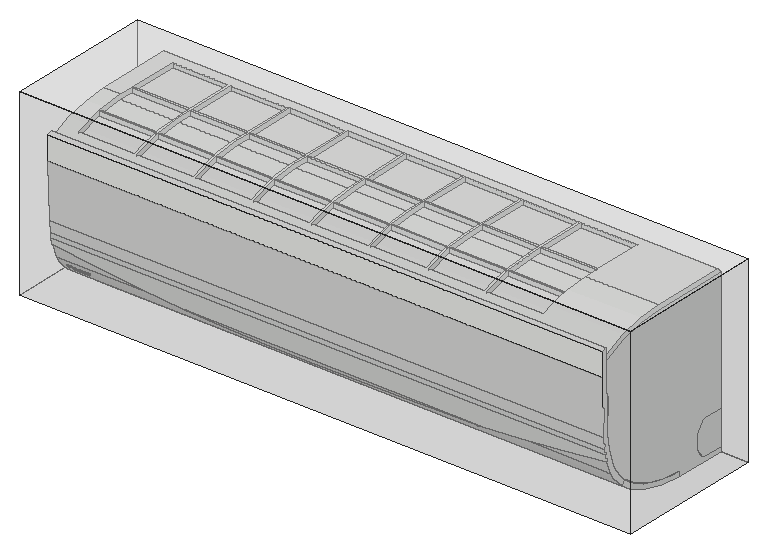
Revit family "outputfile", category 機械設備, Revit 2024
Family settings
  丸型コネクタ寸法 = 半径を使用
  パーツ タイプ = 標準
  OmniClass 番号 = 23.75.10.24.21.27.27
  OmniClass タイトル = Split System Air Conditioning Units
  作業面ベース = いいえ
  常に垂直 = はい
  ロード時にボイドで切り取り = いいえ
  注釈の向きを維持 = いいえ
  共有 = いいえ
  部屋計算ポイント = いいえ
Parameters (values of type "CTKC50SVM")
  Description = ""
  書き出し IFC クラス(タイプ) = "IfcUnitaryEquipmentType"
  定義済み IFC タイプ(タイプ) = "AIRCONDITIONINGUNIT"
  Cost = 0
  Type Comments = ""
  Keynote = ""
  Type Image = (empty or 0)
  Assembly Code = ""
  w_wall hole = if(Width = 770.0 mm, 48.0 mm, 60.0 mm)  # 60.0 mm
  製造元 = "Daikin"
  モデル = "CTKC50SVM"
  switch_frequency = yes
  r_Liquid Pipe Size = Liquid Pipe Size / 2  # 3.2 mm
  r_Gas Pipe Size = Gas Pipe Size / 2  # 6.35 mm
  r_Drain Pipe Size = Drain Pipe Size / 2  # 8.0 mm
  lw_powersupply [instance] = if(Width = 770.0 mm, if(or(Rear Right Connection_refrigerant, Bottom Right Connection_refrigerant), 25.0 mm, if(or(Rear Left Connection_refrigerant, Bottom Left Connection_refrigerant), 745.0 mm, 400.0 mm)), if(Width = 990.0 mm, if(or(Rear Right Connection_refrigerant, Bottom Right Connection_refrigerant), 40.0 mm, if(or(Rear Left Connection_refrigerant, Bottom Left Connection_refrigerant), 920.0 mm, 400.0 mm)), if(or(Rear Right Connection_refrigerant, Bottom Right Connection_refrigerant), 40.0 mm, if(or(Rear Left Connection_refrigerant, Bottom Left Connection_refrigerant), 920.0 mm, 400.0 mm))))  # 400.0 mm
  lw_liquidpipe [instance] = if(Width = 770.0 mm, if(or(Rear Right Connection_refrigerant, Bottom Right Connection_refrigerant), 0.0 mm, if(or(Rear Left Connection_refrigerant, Bottom Left Connection_refrigerant), 664.0 mm, 385.0 mm)), if(Width = 990.0 mm, if(or(Rear Right Connection_refrigerant, Bottom Right Connection_refrigerant), 0.0 mm, if(or(Rear Left Connection_refrigerant, Bottom Left Connection_refrigerant), 664.0 mm + (990.0 mm - 770.0 mm), 475.0 mm)), if(or(Rear Right Connection_refrigerant, Bottom Right Connection_refrigerant), 0.0 mm, if(or(Rear Left Connection_refrigerant, Bottom Left Connection_refrigerant), 664.0 mm + (990.0 mm - 770.0 mm), 475.0 mm))))  # 475.0 mm
  lw_gaspipe [instance] = if(Width = 770.0 mm, if(or(Rear Right Connection_refrigerant, Bottom Right Connection_refrigerant), 0.0 mm, if(or(Rear Left Connection_refrigerant, Bottom Left Connection_refrigerant), 675.0 mm, if(Gas Pipe Size = 12.7 mm, 345.0 mm, 335.0 mm))), if(Width = 990.0 mm, if(or(Rear Right Connection_refrigerant, Bottom Right Connection_refrigerant), 10.0 mm, if(or(Rear Left Connection_refrigerant, Bottom Left Connection_refrigerant), 890.0 mm, if(Gas Pipe Size = 15.9 mm, 410.0 mm, 400.0 mm))), if(or(Rear Right Connection_refrigerant, Bottom Right Connection_refrigerant), 10.0 mm, if(or(Rear Left Connection_refrigerant, Bottom Left Connection_refrigerant), 890.0 mm, if(Gas Pipe Size = 15.9 mm, 410.0 mm, 400.0 mm)))))  # 400.0 mm
  lw_drainpipe [instance] = if(Width = 770.0 mm, if(or(Rear Right Connection_refrigerant, Bottom Right Connection_refrigerant), 0.0 mm, if(or(Rear Left Connection_refrigerant, Bottom Left Connection_refrigerant), 770.0 mm - 48.0 mm - 48.0 mm, 440.0 mm)), if(Width = 990.0 mm, if(or(Rear Right Connection_refrigerant, Bottom Right Connection_refrigerant), 0.0 mm, if(or(Rear Left Connection_refrigerant, Bottom Left Connection_refrigerant), 675.0 mm + (990.0 mm - 770.0 mm), 435.0 mm)), if(or(Rear Right Connection_refrigerant, Bottom Right Connection_refrigerant), 0.0 mm, if(or(Rear Left Connection_refrigerant, Bottom Left Connection_refrigerant), 675.0 mm + (990.0 mm - 770.0 mm), 435.0 mm))))  # 435.0 mm
  l_powersupply_length [instance] = if(Width = 770.0 mm, if(Right Connection_refrigerant, 400.0 mm, if(Left Connection_refrigerant, 770.0 mm - 400.0 mm, if(or(Rear Left Connection_refrigerant, Rear Right Connection_refrigerant), 15.0 mm, 50.0 mm))), if(Width = 990.0 mm, if(Right Connection_refrigerant, 400.0 mm, if(Left Connection_refrigerant, 990.0 mm - 400.0 mm, if(or(Rear Left Connection_refrigerant, Rear Right Connection_refrigerant), 15.0 mm, 50.0 mm))), if(Right Connection_refrigerant, 400.0 mm, if(Left Connection_refrigerant, 990.0 mm - 400.0 mm, if(or(Rear Left Connection_refrigerant, Rear Right Connection_refrigerant), 15.0 mm, 50.0 mm)))))  # 400.0 mm
  l_liquidpipe_length [instance] = if(Width = 770.0 mm, if(Right Connection_refrigerant, 433.0 mm, if(Left Connection_refrigerant, 337.0 mm, if(or(Rear Left Connection_refrigerant, Rear Right Connection_refrigerant), 30.0 mm, 40.0 mm))), if(Width = 990.0 mm, if(Right Connection_refrigerant, 535.0 mm, if(Left Connection_refrigerant, 455.0 mm, if(or(Rear Left Connection_refrigerant, Rear Right Connection_refrigerant), 30.0 mm, 40.0 mm))), if(Right Connection_refrigerant, 535.0 mm, if(Left Connection_refrigerant, 455.0 mm, if(or(Rear Left Connection_refrigerant, Rear Right Connection_refrigerant), 30.0 mm, 40.0 mm)))))  # 535.0 mm
  l_gaspipe_length [instance] = if(Width = 770.0 mm, if(Right Connection_refrigerant, if(Gas Pipe Size = 12.7 mm, 393.0 mm, 383.0 mm), if(Left Connection_refrigerant, if(Gas Pipe Size = 12.7 mm, 770.0 mm - 393.0 mm, 770.0 mm - 383.0 mm), if(or(Rear Left Connection_refrigerant, Rear Right Connection_refrigerant), 40.0 mm, 50.0 mm))), if(Width = 990.0 mm, if(Right Connection_refrigerant, if(Gas Pipe Size = 15.9 mm, 470.0 mm, 460.0 mm), if(Left Connection_refrigerant, if(Gas Pipe Size = 15.9 mm, 990.0 mm - 470.0 mm, 990.0 mm - 460.0 mm), if(or(Rear Left Connection_refrigerant, Rear Right Connection_refrigerant), 40.0 mm, 50.0 mm))), if(Right Connection_refrigerant, if(Gas Pipe Size = 15.9 mm, 470.0 mm, 460.0 mm), if(Left Connection_refrigerant, if(Gas Pipe Size = 15.9 mm, 990.0 mm - 470.0 mm, 990.0 mm - 460.0 mm), if(or(Rear Left Connection_refrigerant, Rear Right Connection_refrigerant), 40.0 mm, 50.0 mm)))))  # 460.0 mm
  l_drainpipe_length [instance] = if(Width = 770.0 mm, if(Right Connection_refrigerant, 488.0 mm, if(Left Connection_refrigerant, 282.0 mm, if(or(Rear Left Connection_refrigerant, Rear Right Connection_refrigerant), 15.0 mm, 20.0 mm))), if(Width = 990.0 mm, if(Right Connection_refrigerant, 495.0 mm, if(Left Connection_refrigerant, 495.0 mm, if(or(Rear Left Connection_refrigerant, Rear Right Connection_refrigerant), 15.0 mm, 20.0 mm))), if(Right Connection_refrigerant, 495.0 mm, if(Left Connection_refrigerant, 495.0 mm, if(or(Rear Left Connection_refrigerant, Rear Right Connection_refrigerant), 15.0 mm, 20.0 mm)))))  # 495.0 mm
  h*** = 0.0 mm  # constant formula
  connector_voltage = Voltage_50Hz  # 230 V
  connector_powerinput = [Power Input (Cooling)]  # 0.000 kW
  connector_phase = Phase_50Hz  # 1
  angle_vertical [instance] = if(or(Bottom Left Connection_refrigerant, Bottom Right Connection_refrigerant), 0.00°, 90.00°)  # 90.00°
  angle_horizontal [instance] = if(Right Connection_refrigerant, 90.00°, if(Left Connection_refrigerant, -90.00°, if(or(Rear Left Connection_refrigerant, Rear Right Connection_refrigerant), 180.00°, 0.00°)))  # 90.00°
  Width = 990.0 mm
  Voltage_comment_50Hz = "220 - 240"
  Voltage_50Hz = 230 V
  Version = "ver.1.0"
  Unit Type = "Wall Mounted"
  Unit Mass Weight = 12.00 kg
  Unit Designation [instance] = ""
  Uniclass2015Version = "Products v1.30"
  Uniclass2015Title = "Split coil room air conditioning units"
  Uniclass2015Code = "Pr_70_65_03_86"
  URL = ""
  Total Cooling Capacity [instance] = 0.000 kW
  Sound Pressure Level_M speed (dBA) = 0
  Sound Pressure Level_L speed (dBA) = 28
  Sound Pressure Level_H speed (dBA) = 44
  Sound Power Level_H speed (dB) = 0
  Series = "Multi Split_Fan Coil Unit"
  Sensible Cooling Capacity [instance] = 0.000 kW
  Refrigerant Type = "R32"
  Power Input (Cooling) = 0.000 kW
  Phase_50Hz = 1
  Option Accessory 3 [instance] = ""
  Option Accessory 2 [instance] = ""
  Option Accessory 1 [instance] = ""
  Nominal Cooling Capacity = 5.000 kW
  Minimum Circuit Amps_50Hz = 0.0 A
  Minimum Airflow = 900.00 m³/h
  Median Airflow = 1030.00 m³/h
  Maximum Fuse Amps_50Hz = 0.0 A
  Maximum Airflow = 1150.00 m³/h
  Material_Casing = DAIKIN_White_Casing_indoorunit
  Load Classification = HVAC
  Liquid Pipe Size = 6.4 mm
  Link_Nested Family [instance] = ""
  IfcVersion = ""
  IfcExportType = "AIRCONDITIONINGUNIT"
  IfcExportAs = "IfcUnitaryEquipmentType"
  Height = 295.0 mm
  Heat Exchanger Type = "Cross Fin Coil"
  Gas Pipe Size = 12.7 mm
  Frequency_50Hz = 50 Hz
  Fan Type = "Cross Flow Fan"
  Fan Drive = "Direct Drive"
  FCU Tag No. [instance] = ""
  Drain Pipe Size = 16.0 mm
  Design Supply Airflow [instance] = 0.00 m³/h
  Depth = 263.0 mm
  既定の高さ = 0.0 mm
  Cooling Entering Wet Bulb Temperature [instance] = 0.00 °C
  Cooling Entering Dry Bulb Temperature [instance] = 0.00 °C
  Cooling Ambient Wet Bulb Temperature [instance] = 0.00 °C
  Cooling Ambient Dry Bulb Temperature [instance] = 0.00 °C
  Clearance visibility [instance] = yes
  Clearance Top = 30.0 mm
  Clearance Right = 50.0 mm
  Clearance Rear = 0.0 mm
  Clearance Left = 50.0 mm
  Clearance Front = 0.0 mm
  Clearance Bottom = 0.0 mm
  Bottom Right Connection_refrigerant [instance] = no
  Bottom Left Connection_refrigerant [instance] = no
  Rear Right Connection_refrigerant [instance] = no
  Rear Left Connection_refrigerant [instance] = no
  Right Connection_refrigerant [instance] = yes
  Left Connection_refrigerant [instance] = no
Reference planes
  plane 1 "Back": y = 0
  plane 2: z = 0
  plane 3 "Center (Left/Right)": x = 0
  plane 4 "Center (Front/Back)": y = -131.5
  plane 5 "Front": y = -263
  plane 6 "Left": x = -495
  plane 7 "Right": x = 495
  plane 8 "Top": z = 0
  plane 9 "Bottom": z = -295
  plane 10: x = -545
  plane 11: x = 545
  plane 12: y = 0
  plane 13: y = -263
  plane 14: z = 30
  plane 15: z = -295
  plane 16 "lw_Piping and Wiring intake": x = 435
  plane 17 "lw_gaspipe": x = 35
  plane 18 "lw_liquidpipe": x = -40
  plane 19 "lw_drainpipe": x = 0
  plane 20 "lh_drainpipe": z = -275
  plane 21 "lh_liquidpipe": z = -255
  plane 22 "lh_gaspipe": z = -245
  plane 23 "ld_drainpipe": y = -15
  plane 24 "ld_liquidpipe": y = -30
  plane 25 "ld_gaspipe": y = -40
  plane 26 "lw_powersupply": x = 95
Dimensions and locks
  equal spacing: plane 6 "Left", plane 3 "Center (Left/Right)", plane 7 "Right"
  "Width": plane 6 "Left" to plane 7 "Right"
  equal spacing: plane 5 "Front", plane 4 "Center (Front/Back)", plane 1 "Back"
  "Depth": plane 5 "Front" to plane 1 "Back"
  "Height": plane 8 "Top" to plane 9 "Bottom"
  "Clearance Rear": plane 12 to plane 1 "Back"
  "Clearance Front": plane 13 to plane 5 "Front"
  "Clearance Top": plane 14 to plane 8 "Top"
  "Clearance Bottom": plane 9 "Bottom" to plane 15
  "w_wall hole": plane 16 "lw_Piping and Wiring intake" to plane 7 "Right"
  "lw_gaspipe": plane 17 "lw_gaspipe" to plane 16 "lw_Piping and Wiring intake"
  "lw_liquidpipe": plane 18 "lw_liquidpipe" to plane 16 "lw_Piping and Wiring intake"
  "lw_drainpipe": plane 19 "lw_drainpipe" to plane 16 "lw_Piping and Wiring intake"
  locked: plane 20 "lh_drainpipe" to plane 9 "Bottom" at 20
  locked: plane 21 "lh_liquidpipe" to plane 9 "Bottom" at 40
  locked: plane 22 "lh_gaspipe" to plane 9 "Bottom" at 50
  locked: plane 23 "ld_drainpipe" to plane 1 "Back" at 15
  locked: plane 1 "Back" to plane 24 "ld_liquidpipe" at 30
  locked: plane 1 "Back" to plane 25 "ld_gaspipe" at 40
  "lw_powersupply": plane 26 "lw_powersupply" to plane 7 "Right"
  "Clearance Right": plane 7 "Right" to plane 11
  "Clearance Left": plane 10 to plane 6 "Left"
  aligned and locked: level to plane 2
  aligned and locked: plane 12 to nested 1
  aligned and locked: nested 1 to plane 13
  aligned and locked: plane 10 to nested 1
  aligned and locked: plane 11 to nested 1
  aligned and locked: plane 15 to nested 1
  aligned and locked: plane 14 to nested 1
  aligned and locked: plane 17 "lw_gaspipe" to nested 2
  aligned and locked: nested 2 to plane 25 "ld_gaspipe"
  aligned and locked: plane 18 "lw_liquidpipe" to nested 3
  aligned and locked: nested 3 to plane 24 "ld_liquidpipe"
  aligned and locked: plane 19 "lw_drainpipe" to nested 4
  aligned and locked: nested 4 to plane 23 "ld_drainpipe"
  aligned and locked: nested 5 to plane 23 "ld_drainpipe"
  aligned and locked: plane 26 "lw_powersupply" to nested 5
  aligned and locked: level to plane 8 "Top"
  aligned and locked: plane 3 "Center (Left/Right)" to nested 6
  aligned and locked: plane 1 "Back" to nested 6
  aligned and locked: plane 8 "Top" to nested 6
Nested families
  nested 1: "daikin_clearancespace" at (0, -131.5, -132.381), show <- "Clearance visibility", visible <- "Clearance visibility", Link_Nested Family <- "Link_Nested Family", type "daikin_clearancespace"
    with width 1090.0 mm, show yes, height 325.0 mm, depth 263.0 mm, Link_Nested Family ""
  nested 2: "daikin_connector_rotate3" at (35, -40, -245), angle_vertical <- "angle_vertical", angle_horizontal <- "angle_horizontal", length <- "l_gaspipe_length", radius <- "r_Gas Pipe Size", type "daikin_connector_rotate3"
    with show no, radius 6.35 mm, length 460.0 mm, angle_vertical 90.00°, angle_horizontal 90.00°
  nested 3: "daikin_connector_rotate3" at (-40, -30, -255), angle_vertical <- "angle_vertical", angle_horizontal <- "angle_horizontal", radius <- "r_Liquid Pipe Size", length <- "l_liquidpipe_length", type "daikin_connector_rotate3"
    with show no, radius 3.2 mm, length 535.0 mm, angle_vertical 90.00°, angle_horizontal 90.00°
  nested 4: "daikin_connector_rotate3" at (0, -15, -275), angle_vertical <- "angle_vertical", angle_horizontal <- "angle_horizontal", length <- "l_drainpipe_length", radius <- "r_Drain Pipe Size", type "daikin_connector_rotate3"
    with show no, radius 8.0 mm, length 495.0 mm, angle_vertical 90.00°, angle_horizontal 90.00°
  nested 5: "daikin_connector_rotate3" at (95, -15, -245), angle_vertical <- "angle_vertical", angle_horizontal <- "angle_horizontal", length <- "l_powersupply_length", type "daikin_connector_rotate3"
    with show no, radius 10.0 mm, length 400.0 mm, angle_vertical 90.00°, angle_horizontal 90.00°
  nested 6: "DAIKIN_indoorunit_CTKC-SVM" at (-31, 0, 0), type "CTKC-SVM"
Connectors
  piping at (495, -40, -245), diameter 12.7, driven by "r_Gas Pipe Size"
    settings: on nested 2, index 1, connector inside diameter 609.6 mm, connector length 0.0 mm, flow factor 0, pipe flow 0.00 m³/h, pressure drop 0.0 Pa, fitting loss kfactor 0, connector angle 0.00°, fixture units 0, engagement length 0.0 mm, angle of deflection 0.00°, flow configuration 1, flow direction 2, fitting loss method 0, system type 29, joint type 0, gender type 0, connector reference index -1, connector utility 0, adjustable connector no, is connector primary yes, connector description "Refrigerant Gas Piping"
  piping at (495, -30, -255), diameter 6.4, driven by "r_Liquid Pipe Size"
    settings: on nested 3, index 2, connector inside diameter 609.6 mm, connector length 0.0 mm, flow factor 0, pipe flow 0.00 m³/h, pressure drop 0.0 Pa, fitting loss kfactor 0, connector angle 0.00°, fixture units 0, engagement length 0.0 mm, angle of deflection 0.00°, flow configuration 1, flow direction 1, fitting loss method 0, system type 29, joint type 0, gender type 0, connector reference index -1, connector utility 0, adjustable connector no, is connector primary no, connector description "Refrigerant Liquid Piping"
  piping at (495, -15, -275), diameter 16, driven by "r_Drain Pipe Size"
    settings: on nested 4, index 3, connector inside diameter 609.6 mm, connector length 0.0 mm, flow factor 0, pipe flow 0.00 m³/h, pressure drop 0.0 Pa, fitting loss kfactor 0, connector angle 0.00°, fixture units 0, engagement length 0.0 mm, angle of deflection 0.00°, flow configuration 1, flow direction 2, fitting loss method 4, system type 16, joint type 0, gender type 0, connector reference index -1, connector utility 0, adjustable connector no, is connector primary no, connector description "Condensate Drain Piping"
  electrical at (495, -15, -245), driven by "Load Classification", driven by "connector_phase", driven by "connector_voltage", driven by "connector_powerinput"
    settings: on nested 5, index 4, voltage 230 V, apparent load 0 VA, apparent load phase1 0 VA, apparent load phase2 0 VA, apparent load phase3 0 VA, power factor 1, load classification "HVAC", number of poles 1, system type 30, power factor state 1, is connector primary yes, connector utility no, sub classification motor no, connector description "Power Supply"
Definition of nested family "daikin_clearancespace"
  Parameters (values of type "daikin_clearancespace")
    Description = "daikin_clearancespace"
    width [instance] = 1823.963 mm
    show [instance] = yes
    material = none
    height [instance] = 1359.762 mm
    depth [instance] = 880.0 mm
    Default Elevation = 0.0 mm
    Link_Nested Family [instance] = ""
  Reference planes
    plane 1 "Center (Front/Back)": y = 0
    plane 2 "Center (Elevation)": z = -0.119
    plane 3 "Center (Left/Right)": x = 0
    plane 4: y = 440
    plane 5: y = -440
    plane 6 "Right": x = 911.982
    plane 7 "Left": x = -911.982
    plane 8 "Top": z = 679.762
    plane 9 "Bottom": z = -680
  Forms (mm)
    Extrusion 1, solid, material <- "material", visible <- "show"
      sketch origin (0, 0, 0) x (1, 0, 0) y (0, 1, 0)
        loop
          line (-911.982, 440) -> (-911.982, -440) -> (911.982, -440) -> (911.982, 440) -> (-911.982, 440)
      from -680 to 679.762
  Lines and regions (mm)
    symbolic lines, visible <- "show"
      curve 1: line (911.982, 440, 0) -> (-911.982, 440, 0)
      curve 2: line (-911.982, 440, 0) -> (-911.982, -440, 0)
      curve 3: line (-911.982, -440, 0) -> (911.982, -440, 0)
      curve 4: line (911.982, -440, 0) -> (911.982, 440, 0)
      curve 5: line (911.982, 0, 679.762) -> (-911.982, 0, 679.762)
      curve 6: line (911.982, 0, -680) -> (911.982, 0, 679.762)
      curve 7: line (-911.982, 0, -680) -> (911.982, 0, -680)
      curve 8: line (-911.982, 0, 679.762) -> (-911.982, 0, -680)
      curve 9: line (0, 440, 679.762) -> (0, -440, 679.762)
      curve 10: line (0, -440, 679.762) -> (0, -440, -680)
      curve 11: line (0, 440, -680) -> (0, 440, 679.762)
      curve 12: line (0, -440, -680) -> (0, 440, -680)
  Dimensions and locks
    "width": plane 7 "Left" to plane 6 "Right"
    "depth": plane 4 to plane 5
    "height": plane 8 "Top" to plane 9 "Bottom"
    equal spacing: plane 7 "Left", plane 3 "Center (Left/Right)", plane 6 "Right"
    equal spacing: plane 4, plane 1 "Center (Front/Back)", plane 5
    equal spacing: plane 8 "Top", plane 2 "Center (Elevation)", plane 9 "Bottom"
    aligned and locked: level to plane 2 "Center (Elevation)"
    aligned and locked: Extrusion 1 sketch curve to plane 4
    aligned and locked: plane 7 "Left" to Extrusion 1 sketch curve
    aligned and locked: Extrusion 1 sketch curve to plane 5
    aligned and locked: Extrusion 1 sketch curve to plane 6 "Right"
    aligned and locked: plane 8 "Top" to Extrusion 1
    aligned and locked: curve 1 to Extrusion 1
    aligned and locked: curve 2 to Extrusion 1
    aligned and locked: curve 3 to Extrusion 1
    aligned and locked: curve 4 to Extrusion 1
    aligned and locked: curve 5 to Extrusion 1
    aligned and locked: curve 6 to Extrusion 1
    aligned and locked: curve 7 to Extrusion 1
    aligned and locked: curve 8 to Extrusion 1
    aligned and locked: curve 9 to Extrusion 1
    aligned and locked: curve 10 to Extrusion 1
    aligned and locked: curve 11 to Extrusion 1
    aligned and locked: curve 12 to Extrusion 1
    aligned and locked: Extrusion 1 to plane 9 "Bottom"
Definition of nested family "DAIKIN_indoorunit_CTKC-SVM"
  Parameters (values of type "FTKM-QVMA")
    Material_Casing = none
    Default Elevation = 0.0 mm
  Reference planes
    plane 1 "Center (Front/Back)": y = 0
    plane 2 "reference_level": z = 0
    plane 3 "Center (Left/Right)": x = 31
    plane 4: x = -464
    plane 5: x = 526
    plane 6: z = -295
  Forms (mm)
    Extrusion 1, solid, material <- "Material_Casing"
      sketch origin (31, 0, 0) x (1, 0, 0) y (0, 0, 1)
        loop
          circle (435, -250.5) r 40
        loop
          circle (-447, -250.5) r 40
      from 0 to 5
    Extrusion 2, solid, material <- "Material_Casing"
      sketch origin (31, 0, 0) x (0, 1, 0) y (0, 0, 1)
        loop
          line (-5, 0) -> (-138, 0)
          arc (-138, 0) -> (-197.611, -7.211) -> (-253.783, -28.427) r 250
          arc (-253.783, -28.427) -> (-253.838, -32.687) -> (-253.886, -36.946) r 2191
          arc (-253.886, -36.946) -> (-197.73, -15.346) -> (-138.014, -8) r 246.393
          line (-138.014, -8) -> (0, -8) -> (-5, 0)
      from -495 to 495
    Extrusion 3, solid, material <- "Material_Casing"
      sketch origin (418, 1296.25, 1200) x (0, 1, 0) y (0, 0, 1)
        loop
          arc (-1515.208, -1454.149) -> (-1506.856, -1460.599) -> (-1497.925, -1466.219) r 110
          arc (-1497.925, -1466.219) -> (-1445.718, -1487.493) -> (-1389.844, -1494.995) r 223
          line (-1389.844, -1494.995) -> (-1389.844, -1486.086) -> (-1404.386, -1486.086)
          arc (-1404.386, -1486.086) -> (-1449.542, -1477.46) -> (-1491.818, -1459.402) r 214.289
          arc (-1491.818, -1459.402) -> (-1501.056, -1453.541) -> (-1509.606, -1446.715) r 101
          line (-1509.606, -1446.715) -> (-1515.208, -1454.149)
      from 108 to 57.5
    Extrusion 4, solid, material <- "Material_Casing"
      sketch origin (31, 0, 0) x (0, 1, 0) y (0, 0, 1)
        loop
          line (-263, -19.962) -> (-263, -61.6)
          arc (-263, -61.6) -> (-262.414, -110.219) -> (-260.656, -158.81) r 2017.341
          arc (-260.656, -158.81) -> (-255.648, -191.935) -> (-244.041, -223.362) r 164.725
          arc (-244.041, -223.362) -> (-233.569, -239.793) -> (-219.717, -253.495) r 87.379
          line (-219.717, -253.495) -> (-214.706, -246.846)
          arc (-214.706, -246.846) -> (-229.564, -230.029) -> (-240.385, -210.371) r 102
          arc (-240.385, -210.371) -> (-249.049, -182.962) -> (-252.848, -154.467) r 165.789
          arc (-252.848, -154.467) -> (-254.771, -90.102) -> (-254.74, -25.708) r 2122.533
          arc (-254.74, -25.708) -> (-254.671, -21.469) -> (-254.594, -17.23) r 2192
          line (-254.594, -17.23) -> (-263, -19.962)
      from -495 to 495
    Extrusion 5, void
      sketch origin (33, 0, 0) x (1, 0, 0) y (0, 1, 0)
        loop
          line (-466.909, -22.316) -> (-466.909, -111.341) -> (-366.303, -111.341) -> (-366.303, -22.316) -> (-466.909, -22.316)
        loop
          line (-362.71, -22.316) -> (-362.71, -111.341) -> (-262.103, -111.341) -> (-262.103, -22.316) -> (-362.71, -22.316)
        loop
          line (-258.51, -22.316) -> (-258.51, -111.341) -> (-157.904, -111.341) -> (-157.904, -22.316) -> (-258.51, -22.316)
        loop
          line (-154.31, -22.316) -> (-154.31, -111.341) -> (-53.704, -111.341) -> (-53.704, -22.316) -> (-154.31, -22.316)
        loop
          line (-50.11, -22.316) -> (-50.11, -111.341) -> (50.496, -111.341) -> (50.496, -22.316) -> (-50.11, -22.316)
        loop
          line (54.089, -22.316) -> (54.089, -111.341) -> (154.696, -111.341) -> (154.696, -22.316) -> (54.089, -22.316)
        loop
          line (158.289, -22.316) -> (158.289, -111.341) -> (258.895, -111.341) -> (258.895, -22.316) -> (158.289, -22.316)
        loop
          line (262.489, -22.316) -> (262.489, -111.341) -> (363.095, -111.341) -> (363.095, -22.316) -> (262.489, -22.316)
        loop
          line (-466.909, -114.459) -> (-466.909, -185.059) -> (-366.303, -185.059) -> (-366.303, -114.459) -> (-466.909, -114.459)
        loop
          line (-362.71, -114.459) -> (-362.71, -185.059) -> (-262.103, -185.059) -> (-262.103, -114.459) -> (-362.71, -114.459)
        loop
          line (-258.51, -114.459) -> (-258.51, -185.059) -> (-157.904, -185.059) -> (-157.904, -114.459) -> (-258.51, -114.459)
        loop
          line (-154.31, -114.459) -> (-154.31, -185.059) -> (-53.704, -185.059) -> (-53.704, -114.459) -> (-154.31, -114.459)
        loop
          line (-50.11, -114.459) -> (-50.11, -185.059) -> (50.496, -185.059) -> (50.496, -114.459) -> (-50.11, -114.459)
        loop
          line (54.089, -114.459) -> (54.089, -185.059) -> (154.696, -185.059) -> (154.696, -114.459) -> (54.089, -114.459)
        loop
          line (158.289, -114.459) -> (158.289, -185.059) -> (258.895, -185.059) -> (258.895, -114.459) -> (158.289, -114.459)
        loop
          line (262.489, -114.459) -> (262.489, -185.059) -> (363.095, -185.059) -> (363.095, -114.459) -> (262.489, -114.459)
        loop
          line (-466.909, -187.382) -> (-466.909, -232.681) -> (-366.303, -232.681) -> (-366.303, -187.382) -> (-466.909, -187.382)
        loop
          line (-362.71, -187.382) -> (-362.71, -232.681) -> (-262.103, -232.681) -> (-262.103, -187.382) -> (-362.71, -187.382)
        loop
          line (-258.51, -187.382) -> (-258.51, -232.681) -> (-157.904, -232.681) -> (-157.904, -187.382) -> (-258.51, -187.382)
        loop
          line (-154.31, -187.382) -> (-154.31, -232.681) -> (-53.704, -232.681) -> (-53.704, -187.382) -> (-154.31, -187.382)
        loop
          line (-50.11, -187.382) -> (-50.11, -232.681) -> (50.496, -232.681) -> (50.496, -187.382) -> (-50.11, -187.382)
        loop
          line (54.089, -187.382) -> (54.089, -232.681) -> (154.696, -232.681) -> (154.696, -187.382) -> (54.089, -187.382)
        loop
          line (158.289, -187.382) -> (158.289, -232.681) -> (258.895, -232.681) -> (258.895, -187.382) -> (158.289, -187.382)
        loop
          line (262.489, -187.382) -> (262.489, -232.681) -> (363.095, -232.681) -> (363.095, -187.382) -> (262.489, -187.382)
      from -40.013 to 47.268
    Extrusion 6, void
      sketch origin (33, 0, 2300) x (1, 0, 0) y (0, 0, 1)
        loop
          line (705, -2672.872) -> (705, -2462.4)
          arc (705, -2462.4) -> (-2.043, -2534.819) -> (-709, -2461.567) r 3467.757
          line (-709, -2461.567) -> (-709, -2672.872) -> (705, -2672.872)
      from 173 to 315.3
    Extrusion 7, solid, material <- "Material_Casing"
      sketch origin (-356, 1296.25, 1200) x (0, 1, 0) y (0, 0, -1)
        loop
          line (-1515.208, 1454.149) -> (-1509.606, 1446.715)
          arc (-1509.606, 1446.715) -> (-1501.056, 1453.541) -> (-1491.818, 1459.402) r 101
          arc (-1491.818, 1459.402) -> (-1449.542, 1477.46) -> (-1404.386, 1486.086) r 214.289
          line (-1404.386, 1486.086) -> (-1389.844, 1486.086) -> (-1389.844, 1494.995)
          arc (-1389.844, 1494.995) -> (-1445.718, 1487.493) -> (-1497.925, 1466.219) r 223
          arc (-1497.925, 1466.219) -> (-1506.856, 1460.599) -> (-1515.208, 1454.149) r 110
      from 108 to 61
    Extrusion 8, solid, material <- "Material_Casing"
      sketch origin (418, 1296.25, 1200) x (0, 1, 0) y (0, 0, 1)
        loop
          arc (-1515.208, -1454.149) -> (-1506.856, -1460.599) -> (-1497.925, -1466.219) r 110
          arc (-1497.925, -1466.219) -> (-1463.185, -1482.066) -> (-1426.25, -1491.755) r 223
          line (-1426.25, -1491.755) -> (-1426.25, -1483.166)
          arc (-1426.25, -1483.166) -> (-1460.008, -1473.969) -> (-1491.818, -1459.402) r 214.289
          arc (-1491.818, -1459.402) -> (-1501.056, -1453.541) -> (-1509.606, -1446.715) r 101
          line (-1509.606, -1446.715) -> (-1515.208, -1454.149)
      from 56.5 to -36.993
    Extrusion 9, solid, material <- "Material_Casing"
      sketch origin (418, 1296.25, 1200) x (0, 1, 0) y (0, 0, 1)
        loop
          arc (-1426.25, -1483.166) -> (-1443.442, -1479.224) -> (-1460.25, -1473.881) r 214.289
          line (-1460.25, -1473.881) -> (-1460.25, -1483.089)
          arc (-1460.25, -1483.089) -> (-1443.421, -1488.091) -> (-1426.25, -1491.755) r 223
          line (-1426.25, -1491.755) -> (-1426.25, -1483.166)
      from -43.493 to -828.893
    Extrusion 10, solid, material <- "Material_Casing"
      sketch origin (418, 1296.25, 1200) x (0, 1, 0) y (0, 0, 1)
        loop
          arc (-1515.208, -1454.149) -> (-1506.856, -1460.599) -> (-1497.925, -1466.219) r 110
          arc (-1497.925, -1466.219) -> (-1479.479, -1475.527) -> (-1460.25, -1483.089) r 223
          line (-1460.25, -1483.089) -> (-1460.25, -1473.881)
          arc (-1460.25, -1473.881) -> (-1476.328, -1467.282) -> (-1491.818, -1459.402) r 214.289
          arc (-1491.818, -1459.402) -> (-1501.056, -1453.541) -> (-1509.606, -1446.715) r 101
          line (-1509.606, -1446.715) -> (-1515.208, -1454.149)
      from -43.493 to -828.893
    Extrusion 11, solid, material <- "Material_Casing"
      sketch origin (31, 0, 0) x (0, 1, 0) y (0, 0, 1)
        loop
          arc (-217.78, -250.924) -> (-234.088, -233.307) -> (-245.826, -212.366) r 102
          arc (-245.826, -212.366) -> (-251.608, -196.062) -> (-255.659, -179.245) r 165.789
          line (-255.659, -179.245) -> (-258.299, -179.737)
          arc (-258.299, -179.737) -> (-257.524, -183.799) -> (-256.646, -187.84) r 164.725
          arc (-256.646, -187.84) -> (-252.868, -206.25) -> (-249.973, -224.82) r 393.089
          arc (-249.973, -224.82) -> (-239.237, -236.969) -> (-227.451, -248.102) r 180
          arc (-227.451, -248.102) -> (-223.723, -250.998) -> (-219.717, -253.495) r 45.878
          line (-219.717, -253.495) -> (-217.78, -250.924)
      from -495 to 495
    Extrusion 12, solid, material <- "Material_Casing"
      sketch origin (31, 0, -30) x (0, 1, 0) y (0, 0, 1)
        loop
          line (0, 22) -> (-138.014, 22)
          arc (-138.014, 22) -> (-197.73, 14.654) -> (-253.886, -6.946) r 246.393
          arc (-253.886, -6.946) -> (-253.682, -65.635) -> (-251.855, -124.295) r 2120.935
          arc (-251.855, -124.295) -> (-248.086, -152.682) -> (-239.461, -179.988) r 164.789
          arc (-239.461, -179.988) -> (-228.903, -199.231) -> (-214.437, -215.738) r 101
          line (-214.437, -215.738) -> (-212.406, -216.221)
          arc (-212.406, -216.221) -> (-204.07, -222.837) -> (-195.079, -228.53) r 100
          arc (-195.079, -228.53) -> (-145.557, -248.629) -> (-92.593, -255.785) r 213.289
          line (-92.593, -255.785) -> (-92.593, -265) -> (0, -265) -> (0, 22)
      from -495 to 495
    Extrusion 13, solid, material <- "Material_Casing"
      sketch origin (526, 1296.25, 1200) x (0, -1, 0) y (0, 0, 1)
        loop
          line (1326.25, -1427.035) -> (1296.25, -1427.035) -> (1296.25, -1487.035) -> (1326.25, -1487.035)
          arc (1326.25, -1487.035) -> (1340.393, -1481.177) -> (1346.25, -1467.035) r 20
          line (1346.25, -1467.035) -> (1346.25, -1447.035)
          arc (1346.25, -1447.035) -> (1340.393, -1432.892) -> (1326.25, -1427.035) r 20
      from 0 to 5
    Extrusion 14, solid, material <- "Material_Casing"
      sketch origin (-459, 1296.25, 1200) x (0, -1, 0) y (0, 0, 1)
        loop
          line (1326.25, -1427.035) -> (1296.25, -1427.035) -> (1296.25, -1487.035) -> (1326.25, -1487.035)
          arc (1326.25, -1487.035) -> (1340.393, -1481.177) -> (1346.25, -1467.035) r 20
          line (1346.25, -1467.035) -> (1346.25, -1447.035)
          arc (1346.25, -1447.035) -> (1340.393, -1432.892) -> (1326.25, -1427.035) r 20
      from 0 to 5
    Extrusion 15, solid, material <- "Material_Casing"
      sketch origin (31, 200, -295) x (-1, 0, 0) y (0, -1, 0)
        loop
          line (469, 200) -> (469, 230)
          arc (469, 230) -> (463.142, 244.142) -> (449, 250) r 20
          line (449, 250) -> (429, 250)
          arc (429, 250) -> (414.858, 244.142) -> (409, 230) r 20
          line (409, 230) -> (409, 200) -> (469, 200)
        loop
          line (-469, 200) -> (-409, 200) -> (-409, 230)
          arc (-409, 230) -> (-414.858, 244.142) -> (-429, 250) r 20
          line (-429, 250) -> (-449, 250)
          arc (-449, 250) -> (-463.142, 244.142) -> (-469, 230) r 20
          line (-469, 230) -> (-469, 200)
      from 0 to 5
  Cuts and joins
    Extrusion 5 cuts Extrusion 2
    Extrusion 6 cuts Extrusion 11
    joined: Extrusion 4, Extrusion 11
  Lines and regions (mm)
    reference lines
      curve 1: line (-523, -240.779, -229.404) -> (-523, -232.411, -239.977)
  Dimensions and locks
    equal spacing: plane 5, plane 3 "Center (Left/Right)", plane 4
    plane 5 to plane 4 = 990.0 mm
    locked: Extrusion 1 sketch curve to plane 4 at 48
    plane 5 to Extrusion 1 sketch curve = 60.0 mm
    plane 2 "reference_level" to plane 6 = 295.0 mm
    locked: Extrusion 1 sketch curve to plane 6 at 44.5  (x2)
    locked: Extrusion 4 to nested 1 at 15
    locked: Extrusion 13 sketch curve to Extrusion 13 sketch curve at 60
    locked: Extrusion 13 sketch curve to Extrusion 13 sketch curve at 50
    locked: Extrusion 14 sketch curve to Extrusion 14 sketch curve at 60
    locked: Extrusion 14 sketch curve to Extrusion 14 sketch curve at 50
    locked: Extrusion 15 sketch curve to Extrusion 15 sketch curve at 60  (x2)
    locked: Extrusion 15 sketch curve to Extrusion 15 sketch curve at 50  (x2)
    diameter of Extrusion 1 sketch curve = 80.0 mm  (x2)
    aligned and locked: level to plane 2 "reference_level"
    aligned and locked: Extrusion 1 to plane 1 "Center (Front/Back)"
    aligned and locked: nested 1 to curve 1
  Automatic sketch dimensions
    curve 1 to curve 1 = 10.573 mm
    curve 1 to curve 1 = 8.368 mm
    Extrusion 6 sketch curve to plane 3 "Center (Left/Right)" = 707.0 mm
    plane 3 "Center (Left/Right)" to Extrusion 6 sketch curve = 2.0 mm
    plane 3 "Center (Left/Right)" to Extrusion 6 sketch curve = 707.0 mm
    Extrusion 6 sketch curve to level = 372.872 mm
    Extrusion 6 sketch curve to level = 162.4 mm
    Extrusion 6 sketch curve to level = 161.567 mm
    Extrusion 2 sketch curve to level = 0.0 mm
    Extrusion 2 sketch curve to plane 1 "Center (Front/Back)" = 0.0 mm
    plane 1 "Center (Front/Back)" to Extrusion 2 sketch curve = 5.0 mm
    Extrusion 2 sketch curve to Extrusion 2 sketch curve = 133.0 mm
    Extrusion 2 sketch curve to Extrusion 2 sketch curve = 0.013 mm
    Extrusion 2 sketch curve to level = 59.292 mm
    Extrusion 2 sketch curve to plane 1 "Center (Front/Back)" = 1937.0 mm
    Extrusion 2 sketch curve to Extrusion 2 sketch curve = 250.0 mm
    Extrusion 2 sketch curve to Extrusion 2 sketch curve = 4.393 mm
    Extrusion 2 sketch curve to level = 8.0 mm
    Extrusion 2 sketch curve to level = 28.427 mm
    plane 1 "Center (Front/Back)" to Extrusion 3 sketch curve = 218.957 mm
    Extrusion 3 sketch curve to Extrusion 3 sketch curve = 5.601 mm
    Extrusion 3 sketch curve to Extrusion 3 sketch curve = 65.735 mm
    Extrusion 3 sketch curve to Extrusion 3 sketch curve = 1.462 mm
    plane 1 "Center (Front/Back)" to Extrusion 3 sketch curve = 108.136 mm
    Extrusion 3 sketch curve to Extrusion 3 sketch curve = 14.543 mm
    plane 1 "Center (Front/Back)" to Extrusion 3 sketch curve = 92.093 mm
    Extrusion 3 sketch curve to Extrusion 3 sketch curve = 1.354 mm
    Extrusion 3 sketch curve to level = 294.995 mm
    Extrusion 3 sketch curve to Extrusion 3 sketch curve = 8.909 mm
    Extrusion 3 sketch curve to Extrusion 3 sketch curve = 31.937 mm
    Extrusion 3 sketch curve to Extrusion 3 sketch curve = 7.433 mm
    Extrusion 3 sketch curve to Extrusion 3 sketch curve = 75.403 mm
    Extrusion 3 sketch curve to Extrusion 3 sketch curve = 0.896 mm
    Extrusion 3 sketch curve to level = 72.504 mm
    Extrusion 3 sketch curve to Extrusion 3 sketch curve = 0.504 mm
    Extrusion 4 sketch curve to level = 19.962 mm
    plane 1 "Center (Front/Back)" to Extrusion 4 sketch curve = 263.0 mm
    Extrusion 4 sketch curve to level = 17.23 mm
    Extrusion 4 sketch curve to Extrusion 4 sketch curve = 8.406 mm
    Extrusion 4 sketch curve to Extrusion 4 sketch curve = 43.283 mm
    Extrusion 4 sketch curve to Extrusion 4 sketch curve = 5.011 mm
    Extrusion 4 sketch curve to Extrusion 4 sketch curve = 49.129 mm
    Extrusion 4 sketch curve to Extrusion 4 sketch curve = 19.417 mm
    Extrusion 4 sketch curve to Extrusion 4 sketch curve = 50.037 mm
    Extrusion 4 sketch curve to Extrusion 4 sketch curve = 8.89 mm
    Extrusion 4 sketch curve to level = 61.6 mm
    Extrusion 4 sketch curve to plane 1 "Center (Front/Back)" = 1754.341 mm
    Extrusion 4 sketch curve to level = 58.909 mm
    Extrusion 4 sketch curve to Extrusion 4 sketch curve = 113.192 mm
    Extrusion 4 sketch curve to Extrusion 4 sketch curve = 69.467 mm
    Extrusion 4 sketch curve to level = 146.886 mm
    Extrusion 4 sketch curve to Extrusion 4 sketch curve = 3.987 mm
    Extrusion 4 sketch curve to Extrusion 4 sketch curve = 20.44 mm
    Extrusion 4 sketch curve to Extrusion 4 sketch curve = 13.597 mm
    Extrusion 4 sketch curve to Extrusion 4 sketch curve = 61.936 mm
    Extrusion 4 sketch curve to Extrusion 4 sketch curve = 6.649 mm
    Extrusion 4 sketch curve to level = 59.438 mm
    Extrusion 4 sketch curve to Extrusion 4 sketch curve = 0.0 mm
    Extrusion 4 sketch curve to Extrusion 4 sketch curve = 0.147 mm
    Extrusion 4 sketch curve to Extrusion 4 sketch curve = 7.808 mm
    plane 1 "Center (Front/Back)" to Extrusion 5 sketch curve = 22.316 mm  (x6)
    Extrusion 5 sketch curve to plane 3 "Center (Left/Right)" = 464.909 mm
    Extrusion 5 sketch curve to Extrusion 5 sketch curve = 0.0 mm  (x27)
    Extrusion 5 sketch curve to Extrusion 5 sketch curve = 100.606 mm  (x7)
    Extrusion 5 sketch curve to Extrusion 5 sketch curve = 3.594 mm  (x16)
    Extrusion 5 sketch curve to plane 3 "Center (Left/Right)" = 51.704 mm
    plane 3 "Center (Left/Right)" to Extrusion 5 sketch curve = 52.496 mm  (x2)
    Extrusion 5 sketch curve to Extrusion 5 sketch curve = 89.026 mm  (x6)
    Extrusion 5 sketch curve to Extrusion 5 sketch curve = 3.117 mm  (x8)
    Extrusion 5 sketch curve to Extrusion 5 sketch curve = 70.6 mm  (x7)
    Extrusion 5 sketch curve to Extrusion 5 sketch curve = 2.324 mm  (x8)
    Extrusion 5 sketch curve to Extrusion 5 sketch curve = 45.299 mm  (x7)
    plane 1 "Center (Front/Back)" to Extrusion 7 sketch curve = 218.957 mm
    Extrusion 7 sketch curve to Extrusion 7 sketch curve = 5.601 mm
    Extrusion 7 sketch curve to Extrusion 7 sketch curve = 65.735 mm
    Extrusion 7 sketch curve to Extrusion 7 sketch curve = 1.462 mm
    plane 1 "Center (Front/Back)" to Extrusion 7 sketch curve = 108.136 mm
    Extrusion 7 sketch curve to Extrusion 7 sketch curve = 14.543 mm
    plane 1 "Center (Front/Back)" to Extrusion 7 sketch curve = 92.093 mm
    Extrusion 7 sketch curve to Extrusion 7 sketch curve = 1.354 mm
    Extrusion 7 sketch curve to level = 72.0 mm
    Extrusion 7 sketch curve to Extrusion 7 sketch curve = 0.504 mm
    Extrusion 7 sketch curve to Extrusion 7 sketch curve = 98.416 mm
    Extrusion 7 sketch curve to Extrusion 7 sketch curve = 0.896 mm
    Extrusion 7 sketch curve to Extrusion 7 sketch curve = 76.3 mm
    Extrusion 7 sketch curve to Extrusion 7 sketch curve = 7.433 mm
    Extrusion 7 sketch curve to Extrusion 7 sketch curve = 26.684 mm
    Extrusion 7 sketch curve to Extrusion 7 sketch curve = 8.909 mm
    plane 1 "Center (Front/Back)" to Extrusion 8 sketch curve = 218.957 mm
    Extrusion 8 sketch curve to Extrusion 8 sketch curve = 5.601 mm
    Extrusion 8 sketch curve to Extrusion 8 sketch curve = 65.735 mm
    Extrusion 8 sketch curve to Extrusion 8 sketch curve = 1.462 mm
    Extrusion 8 sketch curve to Extrusion 8 sketch curve = 83.356 mm
    plane 1 "Center (Front/Back)" to Extrusion 8 sketch curve = 92.093 mm
    Extrusion 8 sketch curve to Extrusion 8 sketch curve = 1.354 mm
    Extrusion 8 sketch curve to level = 291.755 mm
    Extrusion 8 sketch curve to Extrusion 8 sketch curve = 8.588 mm
    Extrusion 8 sketch curve to Extrusion 8 sketch curve = 29.018 mm
    Extrusion 8 sketch curve to Extrusion 8 sketch curve = 7.433 mm
    Extrusion 8 sketch curve to Extrusion 8 sketch curve = 75.403 mm
    Extrusion 8 sketch curve to Extrusion 8 sketch curve = 0.896 mm
    Extrusion 8 sketch curve to level = 72.504 mm
    Extrusion 8 sketch curve to Extrusion 8 sketch curve = 0.504 mm
    plane 1 "Center (Front/Back)" to Extrusion 9 sketch curve = 164.0 mm
    Extrusion 9 sketch curve to Extrusion 9 sketch curve = 34.0 mm
    plane 1 "Center (Front/Back)" to Extrusion 9 sketch curve = 92.093 mm
    Extrusion 9 sketch curve to Extrusion 9 sketch curve = 1.354 mm
    Extrusion 9 sketch curve to level = 291.755 mm
    Extrusion 9 sketch curve to Extrusion 9 sketch curve = 8.588 mm
    Extrusion 9 sketch curve to Extrusion 9 sketch curve = 0.077 mm
    Extrusion 9 sketch curve to Extrusion 9 sketch curve = 9.207 mm
    plane 1 "Center (Front/Back)" to Extrusion 10 sketch curve = 218.957 mm
    Extrusion 10 sketch curve to Extrusion 10 sketch curve = 5.601 mm
    Extrusion 10 sketch curve to Extrusion 10 sketch curve = 49.356 mm
    Extrusion 10 sketch curve to Extrusion 10 sketch curve = 65.735 mm
    Extrusion 10 sketch curve to Extrusion 10 sketch curve = 1.462 mm
    plane 1 "Center (Front/Back)" to Extrusion 10 sketch curve = 92.093 mm
    Extrusion 10 sketch curve to Extrusion 10 sketch curve = 1.354 mm
    Extrusion 10 sketch curve to level = 283.089 mm
    Extrusion 10 sketch curve to Extrusion 10 sketch curve = 9.207 mm
    Extrusion 10 sketch curve to Extrusion 10 sketch curve = 19.733 mm
    Extrusion 10 sketch curve to Extrusion 10 sketch curve = 7.433 mm
    Extrusion 10 sketch curve to Extrusion 10 sketch curve = 75.403 mm
    Extrusion 10 sketch curve to Extrusion 10 sketch curve = 0.896 mm
    Extrusion 10 sketch curve to level = 72.504 mm
    Extrusion 10 sketch curve to Extrusion 10 sketch curve = 0.504 mm
    Extrusion 11 sketch curve to level = 276.055 mm
    plane 1 "Center (Front/Back)" to Extrusion 11 sketch curve = 639.709 mm
    plane 1 "Center (Front/Back)" to Extrusion 11 sketch curve = 258.299 mm
    Extrusion 11 sketch curve to Extrusion 11 sketch curve = 2.64 mm
    Extrusion 11 sketch curve to Extrusion 11 sketch curve = 35.942 mm
    Extrusion 11 sketch curve to Extrusion 11 sketch curve = 1.937 mm
    Extrusion 11 sketch curve to Extrusion 11 sketch curve = 20.299 mm
    Extrusion 11 sketch curve to Extrusion 11 sketch curve = 45.88 mm
    Extrusion 11 sketch curve to Extrusion 11 sketch curve = 41.737 mm
    Extrusion 11 sketch curve to Extrusion 11 sketch curve = 13.741 mm
    Extrusion 11 sketch curve to Extrusion 11 sketch curve = 3.448 mm
    Extrusion 11 sketch curve to level = 253.495 mm
    Extrusion 11 sketch curve to Extrusion 11 sketch curve = 2.571 mm
    Extrusion 11 sketch curve to Extrusion 11 sketch curve = 37.558 mm
    Extrusion 11 sketch curve to Extrusion 11 sketch curve = 33.63 mm
    Extrusion 11 sketch curve to Extrusion 11 sketch curve = 0.492 mm
    Extrusion 11 sketch curve to Extrusion 11 sketch curve = 40.059 mm
    Extrusion 11 sketch curve to Extrusion 11 sketch curve = 22.435 mm
    Extrusion 11 sketch curve to Extrusion 11 sketch curve = 1.992 mm
    Extrusion 11 sketch curve to Extrusion 11 sketch curve = 37.063 mm
    Extrusion 11 sketch curve to Extrusion 11 sketch curve = 0.0 mm
    Extrusion 11 sketch curve to Extrusion 11 sketch curve = 4.147 mm
    Extrusion 12 sketch curve to Extrusion 12 sketch curve = 0.0 mm  (x4)
    Extrusion 12 sketch curve to plane 1 "Center (Front/Back)" = 0.0 mm
    plane 1 "Center (Front/Back)" to Extrusion 12 sketch curve = 87.233 mm
    Extrusion 12 sketch curve to Extrusion 12 sketch curve = 3.506 mm
    Extrusion 12 sketch curve to Extrusion 12 sketch curve = 92.593 mm
    Extrusion 12 sketch curve to Extrusion 12 sketch curve = 45.42 mm
    Extrusion 12 sketch curve to Extrusion 12 sketch curve = 58.927 mm
    Extrusion 12 sketch curve to Extrusion 12 sketch curve = 74.393 mm
    Extrusion 12 sketch curve to Extrusion 12 sketch curve = 2.031 mm
    Extrusion 12 sketch curve to level = 58.927 mm
    Extrusion 12 sketch curve to plane 1 "Center (Front/Back)" = 1866.935 mm
    Extrusion 12 sketch curve to level = 72.504 mm
    Extrusion 12 sketch curve to Extrusion 12 sketch curve = 74.381 mm
    Extrusion 12 sketch curve to Extrusion 12 sketch curve = 24.427 mm
    Extrusion 12 sketch curve to Extrusion 12 sketch curve = 74.426 mm
    Extrusion 12 sketch curve to Extrusion 12 sketch curve = 0.483 mm
    Extrusion 12 sketch curve to Extrusion 12 sketch curve = 4.137 mm
    Extrusion 12 sketch curve to Extrusion 12 sketch curve = 31.393 mm
    Extrusion 12 sketch curve to Extrusion 12 sketch curve = 9.215 mm
    Extrusion 12 sketch curve to level = 8.0 mm
    Extrusion 13 sketch curve to plane 1 "Center (Front/Back)" = 0.0 mm
    Extrusion 13 sketch curve to Extrusion 13 sketch curve = 20.0 mm  (x2)
    Extrusion 13 sketch curve to level = 287.035 mm
    Extrusion 14 sketch curve to plane 1 "Center (Front/Back)" = 0.0 mm
    Extrusion 14 sketch curve to Extrusion 14 sketch curve = 20.0 mm  (x2)
    Extrusion 14 sketch curve to level = 287.035 mm
    plane 1 "Center (Front/Back)" to Extrusion 15 sketch curve = 0.0 mm  (x2)
    plane 3 "Center (Left/Right)" to Extrusion 15 sketch curve = 469.0 mm
    Extrusion 15 sketch curve to Extrusion 15 sketch curve = 20.0 mm  (x4)
    Extrusion 15 sketch curve to plane 3 "Center (Left/Right)" = 409.0 mm
    curve 1 to level = 239.977 mm
    plane 1 "Center (Front/Back)" to curve 1 = 232.411 mm
  Nested families
    nested 1: "daikin_logo_plane_w40" at (-430, -237.74, -233.244) x (1, 0, 0) z (0, -0.7841, -0.6206), type "daikin_logo_plane_w40"
      with show_logo yes
  Definition of nested family "daikin_logo_plane_w40"
    Parameters (values of type "daikin_logo_plane_w40")
      width = 40.0 mm
      show_logo [instance] = yes
      material = none
      height = 0.0 mm
      depth = 0.0 mm
      Default Elevation = 1219.2 mm
    Reference planes
      plane 1 "Center (Front/Back)": y = 0
      plane 2: z = 0
      plane 3 "Center (Left/Right)": x = 0
      plane 4: z = 2
      plane 5 "left": x = -19
      plane 6: x = 19
    Forms (mm)
      Extrusion 1, solid, visible <- "show_logo"
        sketch origin (-19, 0, 0) x (1, 0, 0) y (0, 1, 0)
          loop
            line (8.902, -1.878) -> (7.789, -6.332) -> (11.13, -6.332)
            arc (11.13, -6.332) -> (12.454, -6.064) -> (13.472, -5.176) r 2.642
            arc (13.472, -5.176) -> (13.92, -4.02) -> (13.767, -2.79) r 2.537
            arc (13.767, -2.79) -> (13.452, -2.342) -> (12.982, -2.06) r 1.321
            arc (12.982, -2.06) -> (12.063, -1.902) -> (11.13, -1.878) r 6.479
            line (11.13, -1.878) -> (8.902, -1.878)
          loop
            line (10.016, -5.441) -> (10.907, -5.441)
            arc (10.907, -5.441) -> (11.591, -4.983) -> (11.988, -4.261) r 1.742
            spline (11.988, -4.261) -> (12.01, -4.155) -> (12.027, -4.03) -> (12.037, -3.893) -> (12.037, -3.747) -> (12.026, -3.598) -> (12.002, -3.451) -> (11.962, -3.31) -> (11.905, -3.181) -> (11.829, -3.069) -> (11.731, -2.978) -> (11.61, -2.913) -> (11.464, -2.88)
            line (11.464, -2.88) -> (10.573, -2.88) -> (10.016, -5.441)
          loop
            line (13.58, -6.332) -> (14.805, -6.332) -> (15.223, -5.553) -> (16.977, -5.553) -> (17.144, -6.332) -> (19.149, -6.332) -> (18.258, -1.878) -> (16.03, -1.878) -> (13.58, -6.332)
          loop
            line (16.476, -3.214) -> (15.76, -4.551) -> (16.762, -4.551) -> (16.476, -3.214)
          loop
            line (19.705, -6.332) -> (21.599, -6.332) -> (22.712, -1.878) -> (20.819, -1.878) -> (19.705, -6.332)
          loop
            line (22.712, -6.332) -> (24.606, -6.332) -> (24.908, -5.122) -> (25.831, -6.332) -> (28.17, -6.332) -> (26.388, -3.994) -> (28.949, -1.878) -> (26.945, -1.878) -> (25.401, -3.153) -> (25.719, -1.878) -> (23.826, -1.878) -> (22.712, -6.332)
          loop
            line (29.84, -1.878) -> (28.615, -6.332) -> (30.62, -6.332) -> (31.734, -1.878) -> (29.84, -1.878)
          loop
            line (31.734, -6.332) -> (33.07, -6.332) -> (33.7, -3.814) -> (34.518, -6.332) -> (36.745, -6.332) -> (37.859, -1.878) -> (36.523, -1.878) -> (35.845, -4.589) -> (34.963, -1.878) -> (32.847, -1.878) -> (31.734, -6.332)
        from 0 to 2
      Extrusion 2, solid, visible <- "show_logo"
        sketch origin (-19, 0, 0) x (1, 0, 0) y (0, 1, 0)
          loop
            line (8.7, 0) -> (4.235, 0) -> (0, -3.879) -> (0, -8) -> (8.7, 0)
        from 0 to 2
      Extrusion 3, solid, visible <- "show_logo"
        sketch origin (-19, 0, 0) x (1, 0, 0) y (0, 1, 0)
          loop
            line (0, 0) -> (0, -3.879) -> (4.235, 0) -> (0, 0)
        from 0 to 2
    Dimensions and locks
      plane 4 to plane 2 = 2.0 mm
      equal spacing: plane 5 "left", plane 3 "Center (Left/Right)", plane 6
      locked: plane 5 "left" to plane 6 at 38
      aligned and locked: level to plane 2
      aligned and locked: Extrusion 3 to plane 1 "Center (Front/Back)"  (x2)
      aligned and locked: Extrusion 2 to plane 1 "Center (Front/Back)"  (x2)
      aligned and locked: plane 4 to Extrusion 1
      aligned and locked: plane 4 to Extrusion 3
      aligned and locked: plane 4 to Extrusion 2
      aligned and locked: Extrusion 3 to plane 5 "left"
      aligned and locked: Extrusion 2 to plane 5 "left"
    Automatic sketch dimensions
      Extrusion 1 sketch curve to Extrusion 1 sketch curve = 0.901 mm
      Extrusion 1 sketch curve to Extrusion 1 sketch curve = 1.559 mm
      Extrusion 1 sketch curve to Extrusion 1 sketch curve = 1.327 mm
      Extrusion 1 sketch curve to Extrusion 1 sketch curve = 2.145 mm
      Extrusion 1 sketch curve to Extrusion 1 sketch curve = 1.448 mm
      Extrusion 1 sketch curve to Extrusion 1 sketch curve = 2.116 mm
      Extrusion 1 sketch curve to Extrusion 1 sketch curve = 1.114 mm  (x4)
      Extrusion 1 sketch curve to Extrusion 1 sketch curve = 1.336 mm  (x2)
      plane 1 "Center (Front/Back)" to Extrusion 1 sketch curve = 1.878 mm  (x5)
      Extrusion 1 sketch curve to Extrusion 1 sketch curve = 1.893 mm  (x5)
      Extrusion 1 sketch curve to Extrusion 1 sketch curve = 0.891 mm  (x4)
      Extrusion 1 sketch curve to Extrusion 1 sketch curve = 2.005 mm  (x3)
      Extrusion 1 sketch curve to Extrusion 1 sketch curve = 0.445 mm  (x2)
      plane 1 "Center (Front/Back)" to Extrusion 1 sketch curve = 3.994 mm
      Extrusion 1 sketch curve to Extrusion 1 sketch curve = 0.557 mm  (x2)
      Extrusion 1 sketch curve to Extrusion 1 sketch curve = 2.339 mm  (x2)
      Extrusion 1 sketch curve to Extrusion 1 sketch curve = 1.225 mm  (x3)
      plane 1 "Center (Front/Back)" to Extrusion 1 sketch curve = 3.153 mm
      Extrusion 1 sketch curve to Extrusion 1 sketch curve = 0.987 mm
      plane 1 "Center (Front/Back)" to Extrusion 1 sketch curve = 5.122 mm
      Extrusion 1 sketch curve to Extrusion 1 sketch curve = 0.922 mm
      plane 1 "Center (Front/Back)" to Extrusion 1 sketch curve = 6.332 mm
      Extrusion 1 sketch curve to Extrusion 1 sketch curve = 2.562 mm
      plane 1 "Center (Front/Back)" to Extrusion 1 sketch curve = 5.553 mm
      Extrusion 1 sketch curve to Extrusion 1 sketch curve = 0.167 mm
      Extrusion 1 sketch curve to Extrusion 1 sketch curve = 0.215 mm
      plane 1 "Center (Front/Back)" to Extrusion 1 sketch curve = 3.214 mm
      Extrusion 1 sketch curve to Extrusion 1 sketch curve = 0.286 mm
      plane 1 "Center (Front/Back)" to Extrusion 1 sketch curve = 4.551 mm
      Extrusion 1 sketch curve to Extrusion 1 sketch curve = 1.002 mm
      Extrusion 1 sketch curve to Extrusion 1 sketch curve = 0.537 mm
      Extrusion 1 sketch curve to Extrusion 1 sketch curve = 0.418 mm
      Extrusion 1 sketch curve to Extrusion 1 sketch curve = 1.028 mm
      plane 1 "Center (Front/Back)" to Extrusion 1 sketch curve = 4.261 mm
      Extrusion 1 sketch curve to Extrusion 1 sketch curve = 0.563 mm
      plane 1 "Center (Front/Back)" to Extrusion 1 sketch curve = 2.88 mm
      Extrusion 1 sketch curve to Extrusion 1 sketch curve = 1.088 mm
      Extrusion 1 sketch curve to Extrusion 1 sketch curve = 2.152 mm
      Extrusion 1 sketch curve to Extrusion 1 sketch curve = 0.586 mm
      Extrusion 1 sketch curve to Extrusion 1 sketch curve = 0.118 mm
      Extrusion 1 sketch curve to Extrusion 1 sketch curve = 0.298 mm
      Extrusion 1 sketch curve to Extrusion 1 sketch curve = 0.334 mm
      Extrusion 1 sketch curve to Extrusion 1 sketch curve = 0.223 mm
      Extrusion 1 sketch curve to Extrusion 1 sketch curve = 0.266 mm
      Extrusion 1 sketch curve to Extrusion 1 sketch curve = 1.671 mm
      Extrusion 1 sketch curve to Extrusion 1 sketch curve = 2.227 mm
      Extrusion 1 sketch curve to Extrusion 1 sketch curve = 0.0 mm  (x7)
      Extrusion 1 sketch curve to Extrusion 1 sketch curve = 3.453 mm
      Extrusion 1 sketch curve to Extrusion 1 sketch curve = 2.017 mm
      Extrusion 1 sketch curve to Extrusion 1 sketch curve = 0.78 mm  (x2)
      Extrusion 1 sketch curve to Extrusion 1 sketch curve = 1.743 mm
      Extrusion 1 sketch curve to Extrusion 1 sketch curve = 0.775 mm
      Extrusion 1 sketch curve to Extrusion 1 sketch curve = 0.552 mm
      Extrusion 1 sketch curve to Extrusion 1 sketch curve = 0.014 mm
      Extrusion 1 sketch curve to Extrusion 1 sketch curve = 0.952 mm
      Extrusion 1 sketch curve to Extrusion 1 sketch curve = 1.215 mm
      Extrusion 1 sketch curve to Extrusion 1 sketch curve = 0.108 mm
      plane 1 "Center (Front/Back)" to Extrusion 2 sketch curve = 0.0 mm
      Extrusion 2 sketch curve to plane 3 "Center (Left/Right)" = 19.0 mm
      Extrusion 2 sketch curve to plane 3 "Center (Left/Right)" = 14.765 mm
      Extrusion 2 sketch curve to Extrusion 2 sketch curve = 4.465 mm
      plane 1 "Center (Front/Back)" to Extrusion 2 sketch curve = 3.879 mm
      Extrusion 2 sketch curve to Extrusion 2 sketch curve = 4.12 mm
      plane 1 "Center (Front/Back)" to Extrusion 3 sketch curve = 0.0 mm
      Extrusion 3 sketch curve to plane 3 "Center (Left/Right)" = 19.0 mm
      Extrusion 3 sketch curve to plane 3 "Center (Left/Right)" = 14.765 mm
      plane 1 "Center (Front/Back)" to Extrusion 3 sketch curve = 3.879 mm
      Extrusion 1 sketch curve to plane 3 "Center (Left/Right)" = 11.211 mm
      Extrusion 1 sketch curve to Extrusion 1 sketch curve = 1.782 mm
Definition of nested family "daikin_connector_rotate3"
  Parameters (values of type "daikin_connector_rotate3")
    show [instance] = yes
    radius [instance] = 10.0 mm
    length [instance] = 600.0 mm
    angle_horizontal [instance] = 60.00°
    angle_vertical [instance] = 90.00°
    Default Elevation = 1219.2 mm
  Reference planes
    plane 1 "Center (Front/Back)": y = 0
    plane 2: z = 0
    plane 3 "Center (Left/Right)": x = 0
  Dimensions and locks
    "angle_horizontal": angle plane 3 "Center (Left/Right)" to nested 1
    aligned and locked: level to plane 2
    aligned and locked: plane 1 "Center (Front/Back)" to nested 1  (x2)
    aligned and locked: plane 3 "Center (Left/Right)" to nested 1
  Nested families
    nested 1: "daikin_connector_rotate2" at (0, 0, 0) x (0.5, 0.866, 0) z (0, 0, 1), angle_vertical <- "angle_vertical", length <- "length", radius <- "radius", type "daikin_connector_rotate2"
      with radius 10.0 mm, length 600.0 mm, angle_vertical 90.00°
  Definition of nested family "daikin_connector_rotate2"
    Parameters (values of type "daikin_connector_rotate2")
      show_face = yes
      radius [instance] = 10.0 mm
      length [instance] = 600.0 mm
      d_surface = 10.0 mm
      angle_vertical [instance] = 90.00°
      Default Elevation = 0.0 mm
    Reference planes
      plane 1 "Center (Front/Back)": y = 0
      plane 2: z = 0
      plane 3 "Center (Left/Right)": x = 0
    Forms (mm)
      Extrusion 1, solid, visible <- "show_face"
        sketch origin (0, -600, 0) x (1, 0, 0) y (0, 0, 1)
          loop
            circle (0, 0) r 10
        from 0 to -10
    Lines and regions (mm)
      reference lines
        curve 1: line (0, 0, 0) -> (0, -600, 0)
      symbolic lines
        curve 2: circle (0, 0, 0) r 5 normal (0, 0, 1)
      model lines, visible <- "show_face"
        curve 3: line (0, 0, 0) -> (0, -600, 0)
    Dimensions and locks
      "length": curve 1 to curve 1
      "length": curve 3 to curve 3
      "d_surface": Extrusion 1 to Extrusion 1
      "radius": radius of Extrusion 1 sketch curve
      "angle_vertical": angle curve 1 to plane 1 "Center (Front/Back)"
      "angle_vertical": angle curve 3 to plane 1 "Center (Front/Back)"
      aligned and locked: level to plane 2
      aligned and locked: plane 1 "Center (Front/Back)" to curve 1
      aligned and locked: plane 2 to curve 1
      aligned and locked: plane 1 "Center (Front/Back)" to curve 2
      aligned and locked: plane 3 "Center (Left/Right)" to curve 2
      aligned and locked: plane 1 "Center (Front/Back)" to curve 3
      aligned and locked: plane 2 to curve 3
      aligned and locked: Extrusion 1 to Extrusion 1
    Automatic sketch dimensions
      Extrusion 1 sketch curve to level = 0.0 mm
      Extrusion 1 sketch curve to plane 3 "Center (Left/Right)" = 0.0 mm
      radius of curve 2 = 5.0 mm
